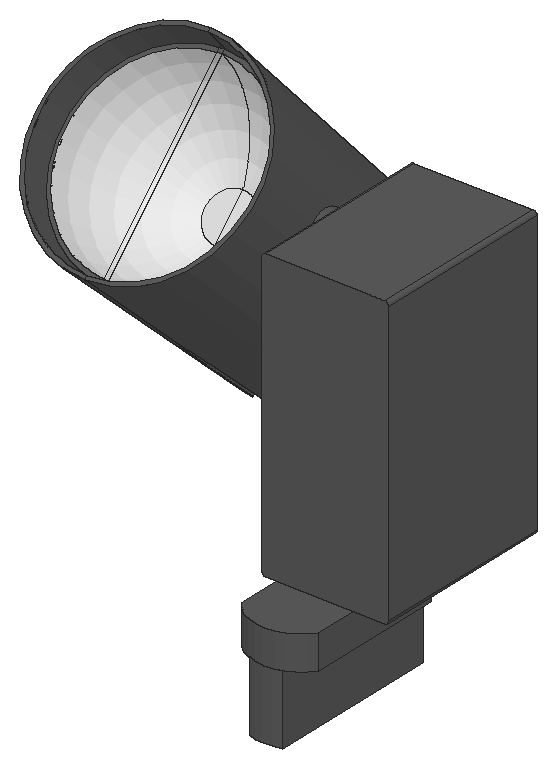
Revit family "0004840 Feilo Sylvania Lighting Fixture START TRACK SPOT S 24W 3K RA80 WB BLACK", category Lighting Fixtures, host Face, Revit 2017
Family settings
  Host = Face
  Round Connector Dimension = Use Diameter
  Part Type = Normal
  OmniClass Number = 23.80.70.00
  OmniClass Title = Lighting
  Cut with Voids When Loaded = No
  Light Source = No
  Shared = No
  Room Calculation Point = No
Parameters (values of type "0004840 START TRACK SPOT S 24W 3K RA80 WB BLACK")
  Weight = "0.966 kg"
  Wattage Comments = ""
  WarrantyStartDate [instance] = "n/a"
  WarrantyGuarantorParts = "n/a"
  WarrantyDurationUnit = "n/a"
  WarrantyDurationParts = "n/a"
  WarrantyDescription = "n/a"
  Voltage = 230 V
  URL = "http://www.sylvania-lighting.com"
  TypeName = "START TRACK SPOT S 24W 3K RA80 WB BLACK"
  TypeHead_FEILO = Start Track Spot Head : 0004840 START TRACK SPOT S 24W 3K RA80 WB BLACK
  TypeBox_FEILO = Start Track Spot Box : Type Small Black
  Type Image = <None>
  Type Comments = "n/a"
  VerticalRotation_FEILO [instance] = 0.00°
  SlideEndAngle_FEILO [instance] = VerticalRotation_FEILO + 180.00°  # 180.00°
  SerialNumber [instance] = "n/a"
  Material_3_FEILO = none
  PowerFactor = 0.95
  PowerConsumption = "24 W"
  NominalLength = 0 mm
  NominalHeight = 200 mm
  NominalDepth = 140 mm
  Name = "START TRACK SPOT S 24W 3K RA80 WB BLACK"
  ModelReference = Name  # "START TRACK SPOT S 24W 3K RA80 WB BLACK"
  ModelNumber = "0004840"
  Model = Name  # "START TRACK SPOT S 24W 3K RA80 WB BLACK"
  Material = "adc12 aluminium housing, polycarbonate diffuser"
  ManufacturerName = "Feilo Sylvania"
  Manufacturer = "Feilo Sylvania"
  LuminousEfficacy = "97 lm/W"
  LuminaireType = ""
  LightOutputRatio = "100"
  LampsType = Lamp  # "LED"
  LampNominalLuminous = "2318 lm"
  LampMacAdamStep = "3"
  LampColourTemperature = "3000 K"
  LampColourRenderingIndex = "80"
  Lamp = "LED"
  Keynote = "16500"
  InstallationDate [instance] = "n/a"
  InputVoltage = "230-240V~"
  InputNominalFrequency = "50/60 Hz"
  IngressProtection = "IP20"
  ImpactProtectionIndex = "IK02"
  IfcExportType = "IfcLightFixtureType"
  IfcExportAs = "IfcLightFixtureType"
  HorizontalRotation_FEILO [instance] = 45.00°
  ExpectedLife = 50000
  ElectricShockClassification = "Class II"
  DurationUnit = "hours"
  DocumentationLiterature = "http://www.sylvania-lighting.com/product/en-int/products/0004840"
  DimmingControlOptions = "Non dimmable"
  Material_2_FEILO = none
  Description = "Integrated LED spotlight, Textured Black - RAL9005, compact and minimalist design, ideal for retail applications, die-cast aluminium body, passive cooling heatsink. Beam angle: 64°, color temperature: 3000K , total system power: 24W, total fixture output: 2318 lm, LOR: 100%, colour rendering: Ra: 80 typical, LED Chromaticity: 3 step MacAdam ellipse, lifetime: >50000 hours at L70B50, energy class: A++, A+, A, IR/UV free light source without heat radiation, operating voltage: 220-240V / 50-60Hz, drive current: 600mA, electronic driver, non-dimmable, power factor: 0.95, electrical protection: Class II, Global Track 3 Phase adapter suitable for Global trac 3-circuit tracks, ingress protection rating: IP20, suitable for internal environment only, horizontal rotation: 355°, vertical tilt: 90°, dimensions: Ø86x140x200, weight: 0.966kg."
  Default Elevation = 1219.2 mm
  CreatedOn = "12/12/2017"
  CreatedBy = ""
  Cost = 0
  built-in parameter 1114216 [instance] = (empty or 0)
  ClassificationValue = "EF_70_80"
  ClassificationName = "Uniclass2015"
  Material_1_FEILO = Body-Sylvania-StartTrackSpot-Black
  BarCode [instance] = "n/a"
  AssetType = "Fixed"
  AssetIdentifier [instance] = "n/a"
  Assembly Code = "D5020200"
  Apparent Load = 24 VA
  Material_4_FEILO = none
Reference planes
  plane 1 "Center (Front/Back)": y = 0
  plane 2: z = 0
  plane 3 "Center (Left/Right)": x = 0
  plane 4: x = 15
  plane 5: x = -15
  plane 6: y = 35
  plane 7: y = -35
  plane 8: z = 13
  plane 9: z = -27
  plane 10: x = 6.5
  plane 11: x = -6.5
  plane 12: y = 27
  plane 13: y = -27
  plane 14: y = 20
Forms (mm)
  Extrusion 1, solid, material "Body-Sylvania-StartTrackSpot-Black" <- "Material_1_FEILO"
    sketch origin (0, 0, 0) x (1, 0, 0) y (0, 1, 0)
      loop
        line (-15, 27) -> (-15, -27)
        arc (-15, -27) -> (0, -35) -> (15, -27) r 18.062
        line (15, -27) -> (15, 27)
        arc (15, 27) -> (0, 35) -> (-15, 27) r 18.062
    from 0 to 13
  Extrusion 2, solid, material "Body-Sylvania-StartTrackSpot-Black" <- "Material_1_FEILO"
    sketch origin (0, 0, 0) x (1, 0, 0) y (0, 1, 0)
      loop
        arc (6.5, 33.79) -> (0, 35) -> (-6.5, 33.79) r 18.062
        line (-6.5, 33.79) -> (-6.5, -33.79)
        arc (-6.5, -33.79) -> (0, -35) -> (6.5, -33.79) r 18.062
        line (6.5, -33.79) -> (6.5, 33.79)
    from 0 to -27
  Revolve 3, solid, not visible
    sketch origin (1524, 20, 1219.2) x (1, 0, 0) y (0, 0, 1)
      loop
        line (-1524, -1206.2) -> (-1524, -1191.285) -> (-1530.5, -1191.285) -> (-1530.5, -1206.2) -> (-1524, -1206.2)
      axis (-1524, -1191.285) -> (-1524, -1206.2)
    angle from 0 <- "VerticalRotation_FEILO" to 180 <- "SlideEndAngle_FEILO"
Cuts and joins
  joined: Extrusion 1, Extrusion 2
Dimensions and locks
  equal spacing: plane 10, plane 3 "Center (Left/Right)", plane 11
  equal spacing: plane 4, plane 3 "Center (Left/Right)", plane 5
  locked: plane 8 to plane 2 at 13
  locked: plane 8 to plane 9 at 40
  equal spacing: plane 13, plane 1 "Center (Front/Back)", plane 12
  locked: plane 12 to plane 6 at 8
  locked: plane 14 to plane 6 at 15
  locked: Revolve 3 sketch curve to plane 8 at 14.915
  aligned and locked: plane 2 to host face
  aligned and locked: level to host face
  aligned and locked: plane 5 to Extrusion 1 sketch curve  (x2)
  aligned and locked: plane 12 to Extrusion 1 sketch curve
  aligned and locked: plane 13 to Extrusion 1 sketch curve
  aligned and locked: plane 4 to Extrusion 1 sketch curve
  aligned and locked: Extrusion 1 to plane 8
  aligned and locked: Extrusion 1 to level
  aligned and locked: Extrusion 2 sketch curve to Extrusion 1  (x2)
  aligned and locked: Extrusion 2 sketch curve to plane 11
  aligned and locked: plane 10 to Extrusion 2 sketch curve
  aligned and locked: plane 9 to Extrusion 2
  aligned and locked: level to Extrusion 2
  aligned and locked: Revolve 3 sketch curve to plane 3 "Center (Left/Right)"  (x2)
  aligned and locked: plane 11 to Revolve 3 sketch curve
  aligned and locked: Revolve 3 sketch curve to plane 8
Automatic sketch dimensions
  host sketch curve to host sketch curve = 2438.4 mm  (x2)
  Extrusion 1 sketch curve to plane 3 "Center (Left/Right)" = 0 mm  (x2)
  Extrusion 1 sketch curve to plane 13 = 10.062 mm
  plane 12 to Extrusion 1 sketch curve = 10.062 mm
  Revolve 3 sketch curve to plane 3 "Center (Left/Right)" = 0 mm
  plane 9 to Revolve 3 sketch curve = 582.6 mm
  Revolve 3 sketch curve to Revolve 3 sketch curve = 2581.144 mm
Nested families
  nested 1: "Start Track Spot Head" at (-62, 20, 112.529) x (0, 0.7071, 0.7071) z (0, 0.7071, -0.7071), type <- "TypeHead_FEILO", type "0004840 START TRACK SPOT S 24W 3K RA80 WB BLACK"
    with built-in parameter 1114216 (empty or 0)
  nested 2: "Start Track Spot Box" at (8.5, 20, 73) x (-1, 0, 0) z (0, -1, 0), BoxStartAngle_FEILO <- "HorizontalRotation_FEILO", type <- "TypeBox_FEILO", type "Type Small Black"
    with BoxStartAngle_FEILO 45.00°, BoxEndAngle_FEILO -135.00°
Connectors
  electrical at (0, 0, 0), driven by "Apparent Load", driven by "PowerFactor", driven by "Voltage"
    settings: index 1, voltage 230 V, apparent load 24 VA, apparent load phase1 0 VA, apparent load phase2 0 VA, apparent load phase3 0 VA, power factor 0.95, load classification "Lighting", number of poles 1, system type 30, power factor state 1, is connector primary yes, connector utility no, sub classification motor no, connector description ""
Definition of nested family "Start Track Spot Head"
  Parameters (values of type "0004811 START TRACK SPOT S 14W 3K RA80 NB WHITE")
    Wattage Comments = "n/a"
    Wattage = 14 W
    built-in parameter 1150110 = 1 (stored number, unit not read)
    URL = "http://www.feilosylvania.com"
    Type Image = (empty or 0)
    Type Comments = "n/a"
    built-in parameter 1114217 = 1 (stored number, unit not read)
    Tilt Angle = -90.00°
    built-in parameter 1150109 = 1 (stored number, unit not read)
    built-in parameter 1150134 = (empty or 0)
    built-in parameter 1150113 = 1 (stored number, unit not read)
    Photometric Web File = "0004811.ies"
    Material_3_FEILO = none
    Model = "START TRACK SPOT S 14W 3K RA80 NB WHITE"
    Manufacturer = "Feilo Sylvania"
    built-in parameter 1150105 = 123.66 (stored number, unit not read)
    Lumens = 1554 lm
    built-in parameter 1150115 = 1 (stored number, unit not read)
    built-in parameter 1150137 = (empty or 0)
    built-in parameter 1150139 = (empty or 0)
    built-in parameter 1150112 = 1 (stored number, unit not read)
    built-in parameter 1150114 = 1 (stored number, unit not read)
    Lamp = "LED"
    Keynote = "16500"
    Material_2_FEILO = none
    built-in parameter 1150132 = (empty or 0)
    built-in parameter 1150102 = (empty or 0)
    built-in parameter 1150107 = 3000 (stored number, unit not read)
    built-in parameter 1150138 = (empty or 0)
    built-in parameter 1150106 = 1.2366 (stored number, unit not read)
    HeadThickness_FEILO = if(HeadDiaOut_FEILO > 112 mm, 2 mm, 1.5 mm)  # 1.5 mm
    HeadRibOffset_FEILO = HeadHeight_FEILO / 28  # 4.179 mm
    HeadRibDepth_FEILO = HeadHeight_FEILO / 2.1  # 55.714 mm
    HeadRibCutWidth_FEILO = HeadDiaOut_FEILO / 12  # 7.167 mm
    HeadRibCutOffset_FEILO = HeadHeight_FEILO / 2.3  # 50.87 mm
    HeadReflectorRadius_FEILO = HeadDiaOut_FEILO / 1.7  # 50.588 mm
    HeadReflectorOffset_FEILO = HeadHeight_FEILO / 2.1  # 55.714 mm
    HeadLEDRadius_FEILO = HeadDiaOut_FEILO / 9  # 9.556 mm
    HeadHeight_FEILO = 117 mm
    HeadDraft_FEILO = 1 mm
    HeadDiffusorThickness_FEILO = 3 mm
    HeadDiffusorOffset_FEILO = HeadHeight_FEILO / 12.4  # 9.435 mm
    HeadDiaOut_FEILO = 86 mm
    HeadDiaIn_FEILO = HeadDiaOut_FEILO / 1.11  # 77.477 mm
    HeadAxisFromTop_FEILO = HeadHeight_FEILO / 1.687  # 69.354 mm
    Emit from Circle Diameter = HeadDiaIn_FEILO  # 77.477 mm
    Emit Shape Visible in Rendering = no
    built-in parameter 1150104 = 10.312 (stored number, unit not read)
    Dimming Lamp Color Temperature Shift = (empty or 0)
    Description = "Integrated LED spotlight, Textured White - RAL9016, compact and minimalist design, ideal for retail applications, die-cast aluminium body, passive cooling heatsink. Beam angle: 12°, color temperature: 3000K , total system power: 14W, total fixture output: 1551 lm, LOR: 100%, colour rendering: Ra: 80 typical, LED Chromaticity: 3 step MacAdam ellipse, lifetime: >50000 hours at L70B50, energy class: A++, A+, A, IR/UV free light source without heat radiation, operating voltage: 220-240V / 50-60Hz, drive current: 350mA, electronic driver, non-dimmable, power factor: 0.92, electrical protection: Class II, Global Track 3 Phase adapter suitable for Global trac 3-circuit tracks, ingress protection rating: IP20, suitable for internal environment only, horizontal rotation: 355°, vertical tilt: 90°, dimensions: Ø86x140x200, weight: 0.940kg."
    Default Elevation = 1219.2 mm
    Cost = 0
    Color Filter = 16777215
    built-in parameter 1114216 [instance] = (empty or 0)
    Material_1_FEILO = none
    built-in parameter 1114218 = 1 (stored number, unit not read)
    built-in parameter 1150133 = 10 (stored number, unit not read)
    Assembly Code = "D5020200"
    Apparent Load = 14 VA
    Material_4_FEILO = none
  Types (96, lengths in mm): name | Wattage | built-in parameter 1150134 | Photometric Web File | Model | built-in parameter 1150105 | Lumens | built-in parameter 1150107 | built-in parameter 1150106 | HeadThickness_FEILO | HeadRibOffset_FEILO | HeadRibDepth_FEILO | HeadRibCutWidth_FEILO | HeadRibCutOffset_FEILO | HeadReflectorRadius_FEILO | HeadReflectorOffset_FEILO | HeadLEDRadius_FEILO | HeadHeight_FEILO | HeadDiffusorOffset_FEILO | HeadDiaOut_FEILO | HeadDiaIn_FEILO | HeadAxisFromTop_FEILO | Emit from Circle Diameter | built-in parameter 1150104 | Description | Apparent Load
    0004906 START TRACK SPOT L 55W 4K RA90 WB BLACK | 55 W | 12 | "0004906.ies" | "START TRACK SPOT L 55W 4K RA90 WB BLACK" | 385.15 (stored number, unit not read) | 4840 lm | 4000 (stored number, unit not read) | 3.8515 (stored number, unit not read) | 2 | 4.429 | 59.048 | 9.417 | 53.913 | 66.471 | 59.048 | 12.556 | 124 | 10 | 113 | 101.802 | 73.503 | 101.802 | 8.1755 (stored number, unit not read) | "Integrated LED spotlight, Textured Black - RAL9005, compact and minimalist design, ideal for retail applications, die-cast aluminium body, passive cooling heatsink. Beam angle: 52°, color temperature: 4000K , total system power: 55W, total fixture output: 4824 lm, LOR: 100%, colour rendering: Ra: 90 typical, LED Chromaticity: 3 step MacAdam ellipse, lifetime: >50000 hours at L70B50, energy class: A++, A+, A, IR/UV free light source without heat radiation, operating voltage: 220-240V / 50-60Hz, drive current: 1400mA, electronic driver, non-dimmable, power factor: 0.96, electrical protection: Class II, Global Track 3 Phase adapter suitable for Global trac 3-circuit tracks, ingress protection rating: IP20, suitable for internal environment only, horizontal rotation: 355°, vertical tilt: 90°, dimensions: Ø113x164x240, weight: 1.398kg." | 55 VA
    0004905 START TRACK SPOT L 55W 4K RA90 MB BLACK | 55 W | 12 | "0004905.ies" | "START TRACK SPOT L 55W 4K RA90 MB BLACK" | 389.53 (stored number, unit not read) | 4895 lm | 4000 (stored number, unit not read) | 3.8953 (stored number, unit not read) | 2 | 4.429 | 59.048 | 9.417 | 53.913 | 66.471 | 59.048 | 12.556 | 124 | 10 | 113 | 101.802 | 73.503 | 101.802 | 8.2684 (stored number, unit not read) | "Integrated LED spotlight, Textured Black - RAL9005, compact and minimalist design, ideal for retail applications, die-cast aluminium body, passive cooling heatsink. Beam angle: 38°, color temperature: 4000K , total system power: 55W, total fixture output: 4897 lm, LOR: 100%, colour rendering: Ra: 90 typical, LED Chromaticity: 3 step MacAdam ellipse, lifetime: >50000 hours at L70B50, energy class: A++, A+, A, IR/UV free light source without heat radiation, operating voltage: 220-240V / 50-60Hz, drive current: 1400mA, electronic driver, non-dimmable, power factor: 0.96, electrical protection: Class II, Global Track 3 Phase adapter suitable for Global trac 3-circuit tracks, ingress protection rating: IP20, suitable for internal environment only, horizontal rotation: 355°, vertical tilt: 90°, dimensions: Ø113x164x240, weight: 1.398kg." | 55 VA
    0004904 START TRACK SPOT L 55W 4K RA90 NB BLACK | 55 W | 12 | "0004904.ies" | "START TRACK SPOT L 55W 4K RA90 NB BLACK" | 393.91 (stored number, unit not read) | 4950 lm | 4000 (stored number, unit not read) | 3.9391 (stored number, unit not read) | 2 | 4.429 | 59.048 | 9.417 | 53.913 | 66.471 | 59.048 | 12.556 | 124 | 10 | 113 | 101.802 | 73.503 | 101.802 | 8.3613 (stored number, unit not read) | "Integrated LED spotlight, Textured Black - RAL9005, compact and minimalist design, ideal for retail applications, die-cast aluminium body, passive cooling heatsink. Beam angle: 15°, color temperature: 4000K , total system power: 55W, total fixture output: 4965 lm, LOR: 100%, colour rendering: Ra: 90 typical, LED Chromaticity: 3 step MacAdam ellipse, lifetime: >50000 hours at L70B50, energy class: A++, A+, A, IR/UV free light source without heat radiation, operating voltage: 220-240V / 50-60Hz, drive current: 1400mA, electronic driver, non-dimmable, power factor: 0.96, electrical protection: Class II, Global Track 3 Phase adapter suitable for Global trac 3-circuit tracks, ingress protection rating: IP20, suitable for internal environment only, horizontal rotation: 355°, vertical tilt: 90°, dimensions: Ø113x164x240, weight: 1.398kg." | 55 VA
    0004903 START TRACK SPOT L 35W 4K RA90 WB BLACK | 35 W | 12 | "0004903.ies" | "START TRACK SPOT L 35W 4K RA90 WB BLACK" | 284.09 (stored number, unit not read) | 3570 lm | 4000 (stored number, unit not read) | 2.8409 (stored number, unit not read) | 2 | 4.429 | 59.048 | 9.417 | 53.913 | 66.471 | 59.048 | 12.556 | 124 | 10 | 113 | 101.802 | 73.503 | 101.802 | 9.4761 (stored number, unit not read) | "Integrated LED spotlight, Textured Black - RAL9005, compact and minimalist design, ideal for retail applications, die-cast aluminium body, passive cooling heatsink. Beam angle: 52°, color temperature: 4000K , total system power: 35W, total fixture output: 3562 lm, LOR: 100%, colour rendering: Ra: 90 typical, LED Chromaticity: 3 step MacAdam ellipse, lifetime: >50000 hours at L70B50, energy class: A++, A+, A, IR/UV free light source without heat radiation, operating voltage: 220-240V / 50-60Hz, drive current: 900mA, electronic driver, non-dimmable, power factor: 0.93, electrical protection: Class II, Global Track 3 Phase adapter suitable for Global trac 3-circuit tracks, ingress protection rating: IP20, suitable for internal environment only, horizontal rotation: 355°, vertical tilt: 90°, dimensions: Ø113x164x240, weight: 1.368kg." | 35 VA
    0004902 START TRACK SPOT L 35W 4K RA90 MB BLACK | 35 W | 12 | "0004902.ies" | "START TRACK SPOT L 35W 4K RA90 MB BLACK" | 286.88 (stored number, unit not read) | 3605 lm | 4000 (stored number, unit not read) | 2.8688 (stored number, unit not read) | 2 | 4.429 | 59.048 | 9.417 | 53.913 | 66.471 | 59.048 | 12.556 | 124 | 10 | 113 | 101.802 | 73.503 | 101.802 | 9.569 (stored number, unit not read) | "Integrated LED spotlight, Textured Black - RAL9005, compact and minimalist design, ideal for retail applications, die-cast aluminium body, passive cooling heatsink. Beam angle: 38°, color temperature: 4000K , total system power: 35W, total fixture output: 3616 lm, LOR: 100%, colour rendering: Ra: 90 typical, LED Chromaticity: 3 step MacAdam ellipse, lifetime: >50000 hours at L70B50, energy class: A++, A+, A, IR/UV free light source without heat radiation, operating voltage: 220-240V / 50-60Hz, drive current: 900mA, electronic driver, non-dimmable, power factor: 0.93, electrical protection: Class II, Global Track 3 Phase adapter suitable for Global trac 3-circuit tracks, ingress protection rating: IP20, suitable for internal environment only, horizontal rotation: 355°, vertical tilt: 90°, dimensions: Ø113x164x240, weight: 1.368kg." | 35 VA
    0004901 START TRACK SPOT L 35W 4K RA90 NB BLACK | 35 W | 12 | "0004901.ies" | "START TRACK SPOT L 35W 4K RA90 NB BLACK" | 286.88 (stored number, unit not read) | 3605 lm | 4000 (stored number, unit not read) | 2.8688 (stored number, unit not read) | 2 | 4.429 | 59.048 | 9.417 | 53.913 | 66.471 | 59.048 | 12.556 | 124 | 10 | 113 | 101.802 | 73.503 | 101.802 | 9.569 (stored number, unit not read) | "Integrated LED spotlight, Textured Black - RAL9005, compact and minimalist design, ideal for retail applications, die-cast aluminium body, passive cooling heatsink. Beam angle: 15°, color temperature: 4000K , total system power: 35W, total fixture output: 3593 lm, LOR: 100%, colour rendering: Ra: 90 typical, LED Chromaticity: 3 step MacAdam ellipse, lifetime: >50000 hours at L70B50, energy class: A++, A+, A, IR/UV free light source without heat radiation, operating voltage: 220-240V / 50-60Hz, drive current: 900mA, electronic driver, non-dimmable, power factor: 0.93, electrical protection: Class II, Global Track 3 Phase adapter suitable for Global trac 3-circuit tracks, ingress protection rating: IP20, suitable for internal environment only, horizontal rotation: 355°, vertical tilt: 90°, dimensions: Ø113x164x240, weight: 1.368kg." | 35 VA
    0004900 START TRACK SPOT S 24W 4K RA90 WB BLACK | 24 W | 12 | "0004900.ies" | "START TRACK SPOT S 24W 4K RA90 WB BLACK" | 166.16 (stored number, unit not read) | 2088 lm | 4000 (stored number, unit not read) | 1.6616 (stored number, unit not read) | 1.5 | 4.179 | 55.714 | 7.167 | 50.87 | 50.588 | 55.714 | 9.556 | 117 | 9.435 | 86 | 77.477 | 69.354 | 77.477 | 8.0826 (stored number, unit not read) | "Integrated LED spotlight, Textured Black - RAL9005, compact and minimalist design, ideal for retail applications, die-cast aluminium body, passive cooling heatsink. Beam angle: 64°, color temperature: 4000K , total system power: 24W, total fixture output: 2087 lm, LOR: 100%, colour rendering: Ra: 90 typical, LED Chromaticity: 3 step MacAdam ellipse, lifetime: >50000 hours at L70B50, energy class: A++, A+, A, IR/UV free light source without heat radiation, operating voltage: 220-240V / 50-60Hz, drive current: 600mA, electronic driver, non-dimmable, power factor: 0.95, electrical protection: Class II, Global Track 3 Phase adapter suitable for Global trac 3-circuit tracks, ingress protection rating: IP20, suitable for internal environment only, horizontal rotation: 355°, vertical tilt: 90°, dimensions: Ø86x140x200, weight: 0.966kg." | 24 VA
    0004899 START TRACK SPOT S 24W 4K RA90 MB BLACK | 24 W | 12 | "0004899.ies" | "START TRACK SPOT S 24W 4K RA90 MB BLACK" | 169.98 (stored number, unit not read) | 2136 lm | 4000 (stored number, unit not read) | 1.6998 (stored number, unit not read) | 1.5 | 4.179 | 55.714 | 7.167 | 50.87 | 50.588 | 55.714 | 9.556 | 117 | 9.435 | 86 | 77.477 | 69.354 | 77.477 | 8.2684 (stored number, unit not read) | "Integrated LED spotlight, Textured Black - RAL9005, compact and minimalist design, ideal for retail applications, die-cast aluminium body, passive cooling heatsink. Beam angle: 36°, color temperature: 4000K , total system power: 24W, total fixture output: 2141 lm, LOR: 100%, colour rendering: Ra: 90 typical, LED Chromaticity: 3 step MacAdam ellipse, lifetime: >50000 hours at L70B50, energy class: A++, A+, A, IR/UV free light source without heat radiation, operating voltage: 220-240V / 50-60Hz, drive current: 600mA, electronic driver, non-dimmable, power factor: 0.95, electrical protection: Class II, Global Track 3 Phase adapter suitable for Global trac 3-circuit tracks, ingress protection rating: IP20, suitable for internal environment only, horizontal rotation: 355°, vertical tilt: 90°, dimensions: Ø86x140x200, weight: 0.966kg." | 24 VA
    0004898 START TRACK SPOT S 24W 4K RA90 NB BLACK | 24 W | 12 | "0004898.ies" | "START TRACK SPOT S 24W 4K RA90 NB BLACK" | 171.89 (stored number, unit not read) | 2160 lm | 4000 (stored number, unit not read) | 1.7189 (stored number, unit not read) | 1.5 | 4.179 | 55.714 | 7.167 | 50.87 | 50.588 | 55.714 | 9.556 | 117 | 9.435 | 86 | 77.477 | 69.354 | 77.477 | 8.3613 (stored number, unit not read) | "Integrated LED spotlight, Textured Black - RAL9005, compact and minimalist design, ideal for retail applications, die-cast aluminium body, passive cooling heatsink. Beam angle: 12°, color temperature: 4000K , total system power: 24W, total fixture output: 2155 lm, LOR: 100%, colour rendering: Ra: 90 typical, LED Chromaticity: 3 step MacAdam ellipse, lifetime: >50000 hours at L70B50, energy class: A++, A+, A, IR/UV free light source without heat radiation, operating voltage: 220-240V / 50-60Hz, drive current: 600mA, electronic driver, non-dimmable, power factor: 0.95, electrical protection: Class II, Global Track 3 Phase adapter suitable for Global trac 3-circuit tracks, ingress protection rating: IP20, suitable for internal environment only, horizontal rotation: 355°, vertical tilt: 90°, dimensions: Ø86x140x200, weight: 0.966kg." | 24 VA
    0004897 START TRACK SPOT S 14W 4K RA90 WB BLACK | 14 W | 12 | "0004897.ies" | "START TRACK SPOT S 14W 4K RA90 WB BLACK" | 108.07 (stored number, unit not read) | 1358 lm | 4000 (stored number, unit not read) | 1.0807 (stored number, unit not read) | 1.5 | 4.179 | 55.714 | 7.167 | 50.87 | 50.588 | 55.714 | 9.556 | 117 | 9.435 | 86 | 77.477 | 69.354 | 77.477 | 9.0116 (stored number, unit not read) | "Integrated LED spotlight, Textured Black - RAL9005, compact and minimalist design, ideal for retail applications, die-cast aluminium body, passive cooling heatsink. Beam angle: 64°, color temperature: 4000K , total system power: 14W, total fixture output: 1352 lm, LOR: 100%, colour rendering: Ra: 90 typical, LED Chromaticity: 3 step MacAdam ellipse, lifetime: >50000 hours at L70B50, energy class: A++, A+, A, IR/UV free light source without heat radiation, operating voltage: 220-240V / 50-60Hz, drive current: 350mA, electronic driver, non-dimmable, power factor: 0.92, electrical protection: Class II, Global Track 3 Phase adapter suitable for Global trac 3-circuit tracks, ingress protection rating: IP20, suitable for internal environment only, horizontal rotation: 355°, vertical tilt: 90°, dimensions: Ø86x140x200, weight: 0.940kg." | 14 VA
    0004896 START TRACK SPOT S 14W 4K RA90 MB BLACK | 14 W | 12 | "0004896.ies" | "START TRACK SPOT S 14W 4K RA90 MB BLACK" | 108.07 (stored number, unit not read) | 1358 lm | 4000 (stored number, unit not read) | 1.0807 (stored number, unit not read) | 1.5 | 4.179 | 55.714 | 7.167 | 50.87 | 50.588 | 55.714 | 9.556 | 117 | 9.435 | 86 | 77.477 | 69.354 | 77.477 | 9.0116 (stored number, unit not read) | "Integrated LED spotlight, Textured Black - RAL9005, compact and minimalist design, ideal for retail applications, die-cast aluminium body, passive cooling heatsink. Beam angle: 36°, color temperature: 4000K , total system power: 14W, total fixture output: 1359 lm, LOR: 100%, colour rendering: Ra: 90 typical, LED Chromaticity: 3 step MacAdam ellipse, lifetime: >50000 hours at L70B50, energy class: A++, A+, A, IR/UV free light source without heat radiation, operating voltage: 220-240V / 50-60Hz, drive current: 350mA, electronic driver, non-dimmable, power factor: 0.92, electrical protection: Class II, Global Track 3 Phase adapter suitable for Global trac 3-circuit tracks, ingress protection rating: IP20, suitable for internal environment only, horizontal rotation: 355°, vertical tilt: 90°, dimensions: Ø86x140x200, weight: 0.940kg." | 14 VA
    0004895 START TRACK SPOT S 14W 4K RA90 NB BLACK | 14 W | 12 | "0004895.ies" | "START TRACK SPOT S 14W 4K RA90 NB BLACK" | 106.95 (stored number, unit not read) | 1344 lm | 4000 (stored number, unit not read) | 1.0695 (stored number, unit not read) | 1.5 | 4.179 | 55.714 | 7.167 | 50.87 | 50.588 | 55.714 | 9.556 | 117 | 9.435 | 86 | 77.477 | 69.354 | 77.477 | 8.9187 (stored number, unit not read) | "Integrated LED spotlight, Textured Black - RAL9005, compact and minimalist design, ideal for retail applications, die-cast aluminium body, passive cooling heatsink. Beam angle: 12°, color temperature: 4000K , total system power: 14W, total fixture output: 1349 lm, LOR: 100%, colour rendering: Ra: 90 typical, LED Chromaticity: 3 step MacAdam ellipse, lifetime: >50000 hours at L70B50, energy class: A++, A+, A, IR/UV free light source without heat radiation, operating voltage: 220-240V / 50-60Hz, drive current: 350mA, electronic driver, non-dimmable, power factor: 0.92, electrical protection: Class II, Global Track 3 Phase adapter suitable for Global trac 3-circuit tracks, ingress protection rating: IP20, suitable for internal environment only, horizontal rotation: 355°, vertical tilt: 90°, dimensions: Ø86x140x200, weight: 0.940kg." | 14 VA
    0004894 START TRACK SPOT L 55W 3K RA90 WB BLACK | 55 W | (empty or 0) | "0004894.ies" | "START TRACK SPOT L 55W 3K RA90 WB BLACK" | 350.14 (stored number, unit not read) | 4400 lm | 3000 (stored number, unit not read) | 3.5014 (stored number, unit not read) | 2 | 4.429 | 59.048 | 9.417 | 53.913 | 66.471 | 59.048 | 12.556 | 124 | 10 | 113 | 101.802 | 73.503 | 101.802 | 7.4322 (stored number, unit not read) | "Integrated LED spotlight, Textured Black - RAL9005, compact and minimalist design, ideal for retail applications, die-cast aluminium body, passive cooling heatsink. Beam angle: 52°, color temperature: 3000K , total system power: 55W, total fixture output: 4405 lm, LOR: 100%, colour rendering: Ra: 90 typical, LED Chromaticity: 3 step MacAdam ellipse, lifetime: >50000 hours at L70B50, energy class: A++, A+, A, IR/UV free light source without heat radiation, operating voltage: 220-240V / 50-60Hz, drive current: 1400mA, electronic driver, non-dimmable, power factor: 0.96, electrical protection: Class II, Global Track 3 Phase adapter suitable for Global trac 3-circuit tracks, ingress protection rating: IP20, suitable for internal environment only, horizontal rotation: 355°, vertical tilt: 90°, dimensions: Ø113x164x240, weight: 1.398kg." | 55 VA
    0004893 START TRACK SPOT L 55W 3K RA90 MB BLACK | 55 W | (empty or 0) | "0004893.ies" | "START TRACK SPOT L 55W 3K RA90 MB BLACK" | 354.52 (stored number, unit not read) | 4455 lm | 3000 (stored number, unit not read) | 3.5452 (stored number, unit not read) | 2 | 4.429 | 59.048 | 9.417 | 53.913 | 66.471 | 59.048 | 12.556 | 124 | 10 | 113 | 101.802 | 73.503 | 101.802 | 7.5251 (stored number, unit not read) | "Integrated LED spotlight, Textured Black - RAL9005, compact and minimalist design, ideal for retail applications, die-cast aluminium body, passive cooling heatsink. Beam angle: 38°, color temperature: 3000K , total system power: 55W, total fixture output: 4448 lm, LOR: 100%, colour rendering: Ra: 90 typical, LED Chromaticity: 3 step MacAdam ellipse, lifetime: >50000 hours at L70B50, energy class: A++, A+, A, IR/UV free light source without heat radiation, operating voltage: 220-240V / 50-60Hz, drive current: 1400mA, electronic driver, non-dimmable, power factor: 0.96, electrical protection: Class II, Global Track 3 Phase adapter suitable for Global trac 3-circuit tracks, ingress protection rating: IP20, suitable for internal environment only, horizontal rotation: 355°, vertical tilt: 90°, dimensions: Ø113x164x240, weight: 1.398kg." | 55 VA
    0004892 START TRACK SPOT L 55W 3K RA90 NB BLACK | 55 W | (empty or 0) | "0004892.ies" | "START TRACK SPOT L 55W 3K RA90 NB BLACK" | 350.14 (stored number, unit not read) | 4400 lm | 3000 (stored number, unit not read) | 3.5014 (stored number, unit not read) | 2 | 4.429 | 59.048 | 9.417 | 53.913 | 66.471 | 59.048 | 12.556 | 124 | 10 | 113 | 101.802 | 73.503 | 101.802 | 7.4322 (stored number, unit not read) | "Integrated LED spotlight, Textured Black - RAL9005, compact and minimalist design, ideal for retail applications, die-cast aluminium body, passive cooling heatsink. Beam angle: 15°, color temperature: 3000K , total system power: 55W, total fixture output: 4416 lm, LOR: 100%, colour rendering: Ra: 90 typical, LED Chromaticity: 3 step MacAdam ellipse, lifetime: >50000 hours at L70B50, energy class: A++, A+, A, IR/UV free light source without heat radiation, operating voltage: 220-240V / 50-60Hz, drive current: 1400mA, electronic driver, non-dimmable, power factor: 0.96, electrical protection: Class II, Global Track 3 Phase adapter suitable for Global trac 3-circuit tracks, ingress protection rating: IP20, suitable for internal environment only, horizontal rotation: 355°, vertical tilt: 90°, dimensions: Ø113x164x240, weight: 1.398kg." | 55 VA
    0004891 START TRACK SPOT L 35W 3K RA90 WB BLACK | 35 W | (empty or 0) | "0004891.ies" | "START TRACK SPOT L 35W 3K RA90 WB BLACK" | 259.02 (stored number, unit not read) | 3255 lm | 3000 (stored number, unit not read) | 2.5902 (stored number, unit not read) | 2 | 4.429 | 59.048 | 9.417 | 53.913 | 66.471 | 59.048 | 12.556 | 124 | 10 | 113 | 101.802 | 73.503 | 101.802 | 8.64 (stored number, unit not read) | "Integrated LED spotlight, Textured Black - RAL9005, compact and minimalist design, ideal for retail applications, die-cast aluminium body, passive cooling heatsink. Beam angle: 52°, color temperature: 3000K , total system power: 35W, total fixture output: 3260 lm, LOR: 100%, colour rendering: Ra: 90 typical, LED Chromaticity: 3 step MacAdam ellipse, lifetime: >50000 hours at L70B50, energy class: A++, A+, A, IR/UV free light source without heat radiation, operating voltage: 220-240V / 50-60Hz, drive current: 900mA, electronic driver, non-dimmable, power factor: 0.93, electrical protection: Class II, Global Track 3 Phase adapter suitable for Global trac 3-circuit tracks, ingress protection rating: IP20, suitable for internal environment only, horizontal rotation: 355°, vertical tilt: 90°, dimensions: Ø113x164x240, weight: 1.368kg." | 35 VA
    0004890 START TRACK SPOT L 35W 3K RA90 MB BLACK | 35 W | (empty or 0) | "0004890.ies" | "START TRACK SPOT L 35W 3K RA90 MB BLACK" | 261.81 (stored number, unit not read) | 3290 lm | 3000 (stored number, unit not read) | 2.6181 (stored number, unit not read) | 2 | 4.429 | 59.048 | 9.417 | 53.913 | 66.471 | 59.048 | 12.556 | 124 | 10 | 113 | 101.802 | 73.503 | 101.802 | 8.7329 (stored number, unit not read) | "Integrated LED spotlight, Textured Black - RAL9005, compact and minimalist design, ideal for retail applications, die-cast aluminium body, passive cooling heatsink. Beam angle: 38°, color temperature: 3000K , total system power: 35W, total fixture output: 3306 lm, LOR: 100%, colour rendering: Ra: 90 typical, LED Chromaticity: 3 step MacAdam ellipse, lifetime: >50000 hours at L70B50, energy class: A++, A+, A, IR/UV free light source without heat radiation, operating voltage: 220-240V / 50-60Hz, drive current: 900mA, electronic driver, non-dimmable, power factor: 0.93, electrical protection: Class II, Global Track 3 Phase adapter suitable for Global trac 3-circuit tracks, ingress protection rating: IP20, suitable for internal environment only, horizontal rotation: 355°, vertical tilt: 90°, dimensions: Ø113x164x240, weight: 1.368kg." | 35 VA
    0004889 START TRACK SPOT L 35W 3K RA90 NB BLACK | 35 W | (empty or 0) | "0004889.ies" | "START TRACK SPOT L 35W 3K RA90 NB BLACK" | 261.81 (stored number, unit not read) | 3290 lm | 3000 (stored number, unit not read) | 2.6181 (stored number, unit not read) | 2 | 4.429 | 59.048 | 9.417 | 53.913 | 66.471 | 59.048 | 12.556 | 124 | 10 | 113 | 101.802 | 73.503 | 101.802 | 8.7329 (stored number, unit not read) | "Integrated LED spotlight, Textured Black - RAL9005, compact and minimalist design, ideal for retail applications, die-cast aluminium body, passive cooling heatsink. Beam angle: 15°, color temperature: 3000K , total system power: 35W, total fixture output: 3287 lm, LOR: 100%, colour rendering: Ra: 90 typical, LED Chromaticity: 3 step MacAdam ellipse, lifetime: >50000 hours at L70B50, energy class: A++, A+, A, IR/UV free light source without heat radiation, operating voltage: 220-240V / 50-60Hz, drive current: 900mA, electronic driver, non-dimmable, power factor: 0.93, electrical protection: Class II, Global Track 3 Phase adapter suitable for Global trac 3-circuit tracks, ingress protection rating: IP20, suitable for internal environment only, horizontal rotation: 355°, vertical tilt: 90°, dimensions: Ø113x164x240, weight: 1.368kg." | 35 VA
    0004888 START TRACK SPOT S 24W 3K RA90 WB BLACK | 24 W | (empty or 0) | "0004888.ies" | "START TRACK SPOT S 24W 3K RA90 WB BLACK" | 152.79 (stored number, unit not read) | 1920 lm | 3000 (stored number, unit not read) | 1.5279 (stored number, unit not read) | 1.5 | 4.179 | 55.714 | 7.167 | 50.87 | 50.588 | 55.714 | 9.556 | 117 | 9.435 | 86 | 77.477 | 69.354 | 77.477 | 7.4322 (stored number, unit not read) | "Integrated LED spotlight, Textured Black - RAL9005, compact and minimalist design, ideal for retail applications, die-cast aluminium body, passive cooling heatsink. Beam angle: 64°, color temperature: 3000K , total system power: 24W, total fixture output: 1928 lm, LOR: 100%, colour rendering: Ra: 90 typical, LED Chromaticity: 3 step MacAdam ellipse, lifetime: >50000 hours at L70B50, energy class: A++, A+, A, IR/UV free light source without heat radiation, operating voltage: 220-240V / 50-60Hz, drive current: 600mA, electronic driver, non-dimmable, power factor: 0.95, electrical protection: Class II, Global Track 3 Phase adapter suitable for Global trac 3-circuit tracks, ingress protection rating: IP20, suitable for internal environment only, horizontal rotation: 355°, vertical tilt: 90°, dimensions: Ø86x140x200, weight: 0.966kg." | 24 VA
    0004887 START TRACK SPOT S 24W 3K RA90 MB BLACK | 24 W | (empty or 0) | "0004887.ies" | "START TRACK SPOT S 24W 3K RA90 MB BLACK" | 154.7 (stored number, unit not read) | 1944 lm | 3000 (stored number, unit not read) | 1.547 (stored number, unit not read) | 1.5 | 4.179 | 55.714 | 7.167 | 50.87 | 50.588 | 55.714 | 9.556 | 117 | 9.435 | 86 | 77.477 | 69.354 | 77.477 | 7.5251 (stored number, unit not read) | "Integrated LED spotlight, Textured Black - RAL9005, compact and minimalist design, ideal for retail applications, die-cast aluminium body, passive cooling heatsink. Beam angle: 36°, color temperature: 3000K , total system power: 24W, total fixture output: 1944 lm, LOR: 100%, colour rendering: Ra: 90 typical, LED Chromaticity: 3 step MacAdam ellipse, lifetime: >50000 hours at L70B50, energy class: A++, A+, A, IR/UV free light source without heat radiation, operating voltage: 220-240V / 50-60Hz, drive current: 600mA, electronic driver, non-dimmable, power factor: 0.95, electrical protection: Class II, Global Track 3 Phase adapter suitable for Global trac 3-circuit tracks, ingress protection rating: IP20, suitable for internal environment only, horizontal rotation: 355°, vertical tilt: 90°, dimensions: Ø86x140x200, weight: 0.966kg." | 24 VA
    0004886 START TRACK SPOT S 24W 3K RA90 NB BLACK | 24 W | (empty or 0) | "0004886.ies" | "START TRACK SPOT S 24W 3K RA90 NB BLACK" | 158.52 (stored number, unit not read) | 1992 lm | 3000 (stored number, unit not read) | 1.5852 (stored number, unit not read) | 1.5 | 4.179 | 55.714 | 7.167 | 50.87 | 50.588 | 55.714 | 9.556 | 117 | 9.435 | 86 | 77.477 | 69.354 | 77.477 | 7.711 (stored number, unit not read) | "Integrated LED spotlight, Textured Black - RAL9005, compact and minimalist design, ideal for retail applications, die-cast aluminium body, passive cooling heatsink. Beam angle: 12°, color temperature: 3000K , total system power: 24W, total fixture output: 1987 lm, LOR: 100%, colour rendering: Ra: 90 typical, LED Chromaticity: 3 step MacAdam ellipse, lifetime: >50000 hours at L70B50, energy class: A++, A+, A, IR/UV free light source without heat radiation, operating voltage: 220-240V / 50-60Hz, drive current: 600mA, electronic driver, non-dimmable, power factor: 0.95, electrical protection: Class II, Global Track 3 Phase adapter suitable for Global trac 3-circuit tracks, ingress protection rating: IP20, suitable for internal environment only, horizontal rotation: 355°, vertical tilt: 90°, dimensions: Ø86x140x200, weight: 0.966kg." | 24 VA
    0004885 START TRACK SPOT S 14W 3K RA90 WB BLACK | 14 W | (empty or 0) | "0004885.ies" | "START TRACK SPOT S 14W 3K RA90 WB BLACK" | 100.27 (stored number, unit not read) | 1260 lm | 3000 (stored number, unit not read) | 1.0027 (stored number, unit not read) | 1.5 | 4.179 | 55.714 | 7.167 | 50.87 | 50.588 | 55.714 | 9.556 | 117 | 9.435 | 86 | 77.477 | 69.354 | 77.477 | 8.3613 (stored number, unit not read) | "Integrated LED spotlight, Textured Black - RAL9005, compact and minimalist design, ideal for retail applications, die-cast aluminium body, passive cooling heatsink. Beam angle: 64°, color temperature: 3000K , total system power: 14W, total fixture output: 1262 lm, LOR: 100%, colour rendering: Ra: 90 typical, LED Chromaticity: 3 step MacAdam ellipse, lifetime: >50000 hours at L70B50, energy class: A++, A+, A, IR/UV free light source without heat radiation, operating voltage: 220-240V / 50-60Hz, drive current: 350mA, electronic driver, non-dimmable, power factor: 0.92, electrical protection: Class II, Global Track 3 Phase adapter suitable for Global trac 3-circuit tracks, ingress protection rating: IP20, suitable for internal environment only, horizontal rotation: 355°, vertical tilt: 90°, dimensions: Ø86x140x200, weight: 0.940kg." | 14 VA
    0004884 START TRACK SPOT S 14W 3K RA90 MB BLACK | 14 W | (empty or 0) | "0004884.ies" | "START TRACK SPOT S 14W 3K RA90 MB BLACK" | 100.27 (stored number, unit not read) | 1260 lm | 3000 (stored number, unit not read) | 1.0027 (stored number, unit not read) | 1.5 | 4.179 | 55.714 | 7.167 | 50.87 | 50.588 | 55.714 | 9.556 | 117 | 9.435 | 86 | 77.477 | 69.354 | 77.477 | 8.3613 (stored number, unit not read) | "Integrated LED spotlight, Textured Black - RAL9005, compact and minimalist design, ideal for retail applications, die-cast aluminium body, passive cooling heatsink. Beam angle: 36°, color temperature: 3000K , total system power: 14W, total fixture output: 1262 lm, LOR: 100%, colour rendering: Ra: 90 typical, LED Chromaticity: 3 step MacAdam ellipse, lifetime: >50000 hours at L70B50, energy class: A++, A+, A, IR/UV free light source without heat radiation, operating voltage: 220-240V / 50-60Hz, drive current: 350mA, electronic driver, non-dimmable, power factor: 0.92, electrical protection: Class II, Global Track 3 Phase adapter suitable for Global trac 3-circuit tracks, ingress protection rating: IP20, suitable for internal environment only, horizontal rotation: 355°, vertical tilt: 90°, dimensions: Ø86x140x200, weight: 0.940kg." | 14 VA
    0004883 START TRACK SPOT S 14W 3K RA90 NB BLACK | 14 W | (empty or 0) | "0004883.ies" | "START TRACK SPOT S 14W 3K RA90 NB BLACK" | 102.5 (stored number, unit not read) | 1288 lm | 3000 (stored number, unit not read) | 1.025 (stored number, unit not read) | 1.5 | 4.179 | 55.714 | 7.167 | 50.87 | 50.588 | 55.714 | 9.556 | 117 | 9.435 | 86 | 77.477 | 69.354 | 77.477 | 8.5471 (stored number, unit not read) | "Integrated LED spotlight, Textured Black - RAL9005, compact and minimalist design, ideal for retail applications, die-cast aluminium body, passive cooling heatsink. Beam angle: 12°, color temperature: 3000K , total system power: 14W, total fixture output: 1284 lm, LOR: 100%, colour rendering: Ra: 90 typical, LED Chromaticity: 3 step MacAdam ellipse, lifetime: >50000 hours at L70B50, energy class: A++, A+, A, IR/UV free light source without heat radiation, operating voltage: 220-240V / 50-60Hz, drive current: 350mA, electronic driver, non-dimmable, power factor: 0.92, electrical protection: Class II, Global Track 3 Phase adapter suitable for Global trac 3-circuit tracks, ingress protection rating: IP20, suitable for internal environment only, horizontal rotation: 355°, vertical tilt: 90°, dimensions: Ø86x140x200, weight: 0.940kg." | 14 VA
    0004882 START TRACK SPOT L 55W 4K RA90 WB WHITE | 55 W | 12 | "0004882.ies" | "START TRACK SPOT L 55W 4K RA90 WB WHITE" | 385.15 (stored number, unit not read) | 4840 lm | 4000 (stored number, unit not read) | 3.8515 (stored number, unit not read) | 2 | 4.429 | 59.048 | 9.417 | 53.913 | 66.471 | 59.048 | 12.556 | 124 | 10 | 113 | 101.802 | 73.503 | 101.802 | 8.1755 (stored number, unit not read) | "Integrated LED spotlight, Textured White - RAL9016, compact and minimalist design, ideal for retail applications, die-cast aluminium body, passive cooling heatsink. Beam angle: 52°, color temperature: 4000K , total system power: 55W, total fixture output: 4824 lm, LOR: 100%, colour rendering: Ra: 90 typical, LED Chromaticity: 3 step MacAdam ellipse, lifetime: >50000 hours at L70B50, energy class: A++, A+, A, IR/UV free light source without heat radiation, operating voltage: 220-240V / 50-60Hz, drive current: 1400mA, electronic driver, non-dimmable, power factor: 0.96, electrical protection: Class II, Global Track 3 Phase adapter suitable for Global trac 3-circuit tracks, ingress protection rating: IP20, suitable for internal environment only, horizontal rotation: 355°, vertical tilt: 90°, dimensions: Ø113x164x240, weight: 1.398kg." | 55 VA
    0004881 START TRACK SPOT L 55W 4K RA90 MB WHITE | 55 W | 12 | "0004881.ies" | "START TRACK SPOT L 55W 4K RA90 MB WHITE" | 389.53 (stored number, unit not read) | 4895 lm | 4000 (stored number, unit not read) | 3.8953 (stored number, unit not read) | 2 | 4.429 | 59.048 | 9.417 | 53.913 | 66.471 | 59.048 | 12.556 | 124 | 10 | 113 | 101.802 | 73.503 | 101.802 | 8.2684 (stored number, unit not read) | "Integrated LED spotlight, Textured White - RAL9016, compact and minimalist design, ideal for retail applications, die-cast aluminium body, passive cooling heatsink. Beam angle: 38°, color temperature: 4000K , total system power: 55W, total fixture output: 4897 lm, LOR: 100%, colour rendering: Ra: 90 typical, LED Chromaticity: 3 step MacAdam ellipse, lifetime: >50000 hours at L70B50, energy class: A++, A+, A, IR/UV free light source without heat radiation, operating voltage: 220-240V / 50-60Hz, drive current: 1400mA, electronic driver, non-dimmable, power factor: 0.96, electrical protection: Class II, Global Track 3 Phase adapter suitable for Global trac 3-circuit tracks, ingress protection rating: IP20, suitable for internal environment only, horizontal rotation: 355°, vertical tilt: 90°, dimensions: Ø113x164x240, weight: 1.398kg." | 55 VA
    0004880 START TRACK SPOT L 55W 4K RA90 NB WHITE | 55 W | 12 | "0004880.ies" | "START TRACK SPOT L 55W 4K RA90 NB WHITE" | 393.91 (stored number, unit not read) | 4950 lm | 4000 (stored number, unit not read) | 3.9391 (stored number, unit not read) | 2 | 4.429 | 59.048 | 9.417 | 53.913 | 66.471 | 59.048 | 12.556 | 124 | 10 | 113 | 101.802 | 73.503 | 101.802 | 8.3613 (stored number, unit not read) | "Integrated LED spotlight, Textured White - RAL9016, compact and minimalist design, ideal for retail applications, die-cast aluminium body, passive cooling heatsink. Beam angle: 15°, color temperature: 4000K , total system power: 55W, total fixture output: 4965 lm, LOR: 100%, colour rendering: Ra: 90 typical, LED Chromaticity: 3 step MacAdam ellipse, lifetime: >50000 hours at L70B50, energy class: A++, A+, A, IR/UV free light source without heat radiation, operating voltage: 220-240V / 50-60Hz, drive current: 1400mA, electronic driver, non-dimmable, power factor: 0.96, electrical protection: Class II, Global Track 3 Phase adapter suitable for Global trac 3-circuit tracks, ingress protection rating: IP20, suitable for internal environment only, horizontal rotation: 355°, vertical tilt: 90°, dimensions: Ø113x164x240, weight: 1.398kg." | 55 VA
    0004879 START TRACK SPOT L 35W 4K RA90 WB WHITE | 35 W | 12 | "0004879.ies" | "START TRACK SPOT L 35W 4K RA90 WB WHITE" | 284.09 (stored number, unit not read) | 3570 lm | 4000 (stored number, unit not read) | 2.8409 (stored number, unit not read) | 2 | 4.429 | 59.048 | 9.417 | 53.913 | 66.471 | 59.048 | 12.556 | 124 | 10 | 113 | 101.802 | 73.503 | 101.802 | 9.4761 (stored number, unit not read) | "Integrated LED spotlight, Textured White - RAL9016, compact and minimalist design, ideal for retail applications, die-cast aluminium body, passive cooling heatsink. Beam angle: 52°, color temperature: 4000K , total system power: 35W, total fixture output: 3562 lm, LOR: 100%, colour rendering: Ra: 90 typical, LED Chromaticity: 3 step MacAdam ellipse, lifetime: >50000 hours at L70B50, energy class: A++, A+, A, IR/UV free light source without heat radiation, operating voltage: 220-240V / 50-60Hz, drive current: 900mA, electronic driver, non-dimmable, power factor: 0.93, electrical protection: Class II, Global Track 3 Phase adapter suitable for Global trac 3-circuit tracks, ingress protection rating: IP20, suitable for internal environment only, horizontal rotation: 355°, vertical tilt: 90°, dimensions: Ø113x164x240, weight: 1.368kg." | 35 VA
    0004878 START TRACK SPOT L 35W 4K RA90 MB WHITE | 35 W | 12 | "0004878.ies" | "START TRACK SPOT L 35W 4K RA90 MB WHITE" | 286.88 (stored number, unit not read) | 3605 lm | 4000 (stored number, unit not read) | 2.8688 (stored number, unit not read) | 2 | 4.429 | 59.048 | 9.417 | 53.913 | 66.471 | 59.048 | 12.556 | 124 | 10 | 113 | 101.802 | 73.503 | 101.802 | 9.569 (stored number, unit not read) | "Integrated LED spotlight, Textured White - RAL9016, compact and minimalist design, ideal for retail applications, die-cast aluminium body, passive cooling heatsink. Beam angle: 38°, color temperature: 4000K , total system power: 35W, total fixture output: 3616 lm, LOR: 100%, colour rendering: Ra: 90 typical, LED Chromaticity: 3 step MacAdam ellipse, lifetime: >50000 hours at L70B50, energy class: A++, A+, A, IR/UV free light source without heat radiation, operating voltage: 220-240V / 50-60Hz, drive current: 900mA, electronic driver, non-dimmable, power factor: 0.93, electrical protection: Class II, Global Track 3 Phase adapter suitable for Global trac 3-circuit tracks, ingress protection rating: IP20, suitable for internal environment only, horizontal rotation: 355°, vertical tilt: 90°, dimensions: Ø113x164x240, weight: 1.368kg." | 35 VA
    0004877 START TRACK SPOT L 35W 4K RA90 NB WHITE | 35 W | 12 | "0004877.ies" | "START TRACK SPOT L 35W 4K RA90 NB WHITE" | 286.88 (stored number, unit not read) | 3605 lm | 4000 (stored number, unit not read) | 2.8688 (stored number, unit not read) | 2 | 4.429 | 59.048 | 9.417 | 53.913 | 66.471 | 59.048 | 12.556 | 124 | 10 | 113 | 101.802 | 73.503 | 101.802 | 9.569 (stored number, unit not read) | "Integrated LED spotlight, Textured White - RAL9016, compact and minimalist design, ideal for retail applications, die-cast aluminium body, passive cooling heatsink. Beam angle: 15°, color temperature: 4000K , total system power: 35W, total fixture output: 3593 lm, LOR: 100%, colour rendering: Ra: 90 typical, LED Chromaticity: 3 step MacAdam ellipse, lifetime: >50000 hours at L70B50, energy class: A++, A+, A, IR/UV free light source without heat radiation, operating voltage: 220-240V / 50-60Hz, drive current: 900mA, electronic driver, non-dimmable, power factor: 0.93, electrical protection: Class II, Global Track 3 Phase adapter suitable for Global trac 3-circuit tracks, ingress protection rating: IP20, suitable for internal environment only, horizontal rotation: 355°, vertical tilt: 90°, dimensions: Ø113x164x240, weight: 1.368kg." | 35 VA
    0004876 START TRACK SPOT S 24W 4K RA90 WB WHITE | 24 W | 12 | "0004876.ies" | "START TRACK SPOT S 24W 4K RA90 WB WHITE" | 166.16 (stored number, unit not read) | 2088 lm | 4000 (stored number, unit not read) | 1.6616 (stored number, unit not read) | 1.5 | 4.179 | 55.714 | 7.167 | 50.87 | 50.588 | 55.714 | 9.556 | 117 | 9.435 | 86 | 77.477 | 69.354 | 77.477 | 8.0826 (stored number, unit not read) | "Integrated LED spotlight, Textured White - RAL9016, compact and minimalist design, ideal for retail applications, die-cast aluminium body, passive cooling heatsink. Beam angle: 64°, color temperature: 4000K , total system power: 24W, total fixture output: 2087 lm, LOR: 100%, colour rendering: Ra: 90 typical, LED Chromaticity: 3 step MacAdam ellipse, lifetime: >50000 hours at L70B50, energy class: A++, A+, A, IR/UV free light source without heat radiation, operating voltage: 220-240V / 50-60Hz, drive current: 600mA, electronic driver, non-dimmable, power factor: 0.95, electrical protection: Class II, Global Track 3 Phase adapter suitable for Global trac 3-circuit tracks, ingress protection rating: IP20, suitable for internal environment only, horizontal rotation: 355°, vertical tilt: 90°, dimensions: Ø86x140x200, weight: 0.966kg." | 24 VA
    0004875 START TRACK SPOT S 24W 4K RA90 MB WHITE | 24 W | 12 | "0004875.ies" | "START TRACK SPOT S 24W 4K RA90 MB WHITE" | 169.98 (stored number, unit not read) | 2136 lm | 4000 (stored number, unit not read) | 1.6998 (stored number, unit not read) | 1.5 | 4.179 | 55.714 | 7.167 | 50.87 | 50.588 | 55.714 | 9.556 | 117 | 9.435 | 86 | 77.477 | 69.354 | 77.477 | 8.2684 (stored number, unit not read) | "Integrated LED spotlight, Textured White - RAL9016, compact and minimalist design, ideal for retail applications, die-cast aluminium body, passive cooling heatsink. Beam angle: 36°, color temperature: 4000K , total system power: 24W, total fixture output: 2141 lm, LOR: 100%, colour rendering: Ra: 90 typical, LED Chromaticity: 3 step MacAdam ellipse, lifetime: >50000 hours at L70B50, energy class: A++, A+, A, IR/UV free light source without heat radiation, operating voltage: 220-240V / 50-60Hz, drive current: 600mA, electronic driver, non-dimmable, power factor: 0.95, electrical protection: Class II, Global Track 3 Phase adapter suitable for Global trac 3-circuit tracks, ingress protection rating: IP20, suitable for internal environment only, horizontal rotation: 355°, vertical tilt: 90°, dimensions: Ø86x140x200, weight: 0.966kg." | 24 VA
    0004874 START TRACK SPOT S 24W 4K RA90 NB WHITE | 24 W | 12 | "0004874.ies" | "START TRACK SPOT S 24W 4K RA90 NB WHITE" | 171.89 (stored number, unit not read) | 2160 lm | 4000 (stored number, unit not read) | 1.7189 (stored number, unit not read) | 1.5 | 4.179 | 55.714 | 7.167 | 50.87 | 50.588 | 55.714 | 9.556 | 117 | 9.435 | 86 | 77.477 | 69.354 | 77.477 | 8.3613 (stored number, unit not read) | "Integrated LED spotlight, Textured White - RAL9016, compact and minimalist design, ideal for retail applications, die-cast aluminium body, passive cooling heatsink. Beam angle: 12°, color temperature: 4000K , total system power: 24W, total fixture output: 2155 lm, LOR: 100%, colour rendering: Ra: 90 typical, LED Chromaticity: 3 step MacAdam ellipse, lifetime: >50000 hours at L70B50, energy class: A++, A+, A, IR/UV free light source without heat radiation, operating voltage: 220-240V / 50-60Hz, drive current: 600mA, electronic driver, non-dimmable, power factor: 0.95, electrical protection: Class II, Global Track 3 Phase adapter suitable for Global trac 3-circuit tracks, ingress protection rating: IP20, suitable for internal environment only, horizontal rotation: 355°, vertical tilt: 90°, dimensions: Ø86x140x200, weight: 0.966kg." | 24 VA
    0004873 START TRACK SPOT S 14W 4K RA90 WB WHITE | 14 W | 12 | "0004873.ies" | "START TRACK SPOT S 14W 4K RA90 WB WHITE" | 108.07 (stored number, unit not read) | 1358 lm | 4000 (stored number, unit not read) | 1.0807 (stored number, unit not read) | 1.5 | 4.179 | 55.714 | 7.167 | 50.87 | 50.588 | 55.714 | 9.556 | 117 | 9.435 | 86 | 77.477 | 69.354 | 77.477 | 9.0116 (stored number, unit not read) | "Integrated LED spotlight, Textured White - RAL9016, compact and minimalist design, ideal for retail applications, die-cast aluminium body, passive cooling heatsink. Beam angle: 64°, color temperature: 4000K , total system power: 14W, total fixture output: 1352 lm, LOR: 100%, colour rendering: Ra: 90 typical, LED Chromaticity: 3 step MacAdam ellipse, lifetime: >50000 hours at L70B50, energy class: A++, A+, A, IR/UV free light source without heat radiation, operating voltage: 220-240V / 50-60Hz, drive current: 350mA, electronic driver, non-dimmable, power factor: 0.92, electrical protection: Class II, Global Track 3 Phase adapter suitable for Global trac 3-circuit tracks, ingress protection rating: IP20, suitable for internal environment only, horizontal rotation: 355°, vertical tilt: 90°, dimensions: Ø86x140x200, weight: 0.940kg." | 14 VA
    0004872 START TRACK SPOT S 14W 4K RA90 MB WHITE | 14 W | 12 | "0004872.ies" | "START TRACK SPOT S 14W 4K RA90 MB WHITE" | 108.07 (stored number, unit not read) | 1358 lm | 4000 (stored number, unit not read) | 1.0807 (stored number, unit not read) | 1.5 | 4.179 | 55.714 | 7.167 | 50.87 | 50.588 | 55.714 | 9.556 | 117 | 9.435 | 86 | 77.477 | 69.354 | 77.477 | 9.0116 (stored number, unit not read) | "Integrated LED spotlight, Textured White - RAL9016, compact and minimalist design, ideal for retail applications, die-cast aluminium body, passive cooling heatsink. Beam angle: 36°, color temperature: 4000K , total system power: 14W, total fixture output: 1359 lm, LOR: 100%, colour rendering: Ra: 90 typical, LED Chromaticity: 3 step MacAdam ellipse, lifetime: >50000 hours at L70B50, energy class: A++, A+, A, IR/UV free light source without heat radiation, operating voltage: 220-240V / 50-60Hz, drive current: 350mA, electronic driver, non-dimmable, power factor: 0.92, electrical protection: Class II, Global Track 3 Phase adapter suitable for Global trac 3-circuit tracks, ingress protection rating: IP20, suitable for internal environment only, horizontal rotation: 355°, vertical tilt: 90°, dimensions: Ø86x140x200, weight: 0.940kg." | 14 VA
    0004871 START TRACK SPOT S 14W 4K RA90 NB WHITE | 14 W | 12 | "0004871.ies" | "START TRACK SPOT S 14W 4K RA90 NB WHITE" | 106.95 (stored number, unit not read) | 1344 lm | 4000 (stored number, unit not read) | 1.0695 (stored number, unit not read) | 1.5 | 4.179 | 55.714 | 7.167 | 50.87 | 50.588 | 55.714 | 9.556 | 117 | 9.435 | 86 | 77.477 | 69.354 | 77.477 | 8.9187 (stored number, unit not read) | "Integrated LED spotlight, Textured White - RAL9016, compact and minimalist design, ideal for retail applications, die-cast aluminium body, passive cooling heatsink. Beam angle: 12°, color temperature: 4000K , total system power: 14W, total fixture output: 1349 lm, LOR: 100%, colour rendering: Ra: 90 typical, LED Chromaticity: 3 step MacAdam ellipse, lifetime: >50000 hours at L70B50, energy class: A++, A+, A, IR/UV free light source without heat radiation, operating voltage: 220-240V / 50-60Hz, drive current: 350mA, electronic driver, non-dimmable, power factor: 0.92, electrical protection: Class II, Global Track 3 Phase adapter suitable for Global trac 3-circuit tracks, ingress protection rating: IP20, suitable for internal environment only, horizontal rotation: 355°, vertical tilt: 90°, dimensions: Ø86x140x200, weight: 0.940kg." | 14 VA
    0004870 START TRACK SPOT L 55W 3K RA90 WB WHITE | 55 W | (empty or 0) | "0004870.ies" | "START TRACK SPOT L 55W 3K RA90 WB WHITE" | 350.14 (stored number, unit not read) | 4400 lm | 3000 (stored number, unit not read) | 3.5014 (stored number, unit not read) | 2 | 4.429 | 59.048 | 9.417 | 53.913 | 66.471 | 59.048 | 12.556 | 124 | 10 | 113 | 101.802 | 73.503 | 101.802 | 7.4322 (stored number, unit not read) | "Integrated LED spotlight, Textured White - RAL9016, compact and minimalist design, ideal for retail applications, die-cast aluminium body, passive cooling heatsink. Beam angle: 52°, color temperature: 3000K , total system power: 55W, total fixture output: 4405 lm, LOR: 100%, colour rendering: Ra: 90 typical, LED Chromaticity: 3 step MacAdam ellipse, lifetime: >50000 hours at L70B50, energy class: A++, A+, A, IR/UV free light source without heat radiation, operating voltage: 220-240V / 50-60Hz, drive current: 1400mA, electronic driver, non-dimmable, power factor: 0.96, electrical protection: Class II, Global Track 3 Phase adapter suitable for Global trac 3-circuit tracks, ingress protection rating: IP20, suitable for internal environment only, horizontal rotation: 355°, vertical tilt: 90°, dimensions: Ø113x164x240, weight: 1.398kg." | 55 VA
    0004869 START TRACK SPOT L 55W 3K RA90 MB WHITE | 55 W | (empty or 0) | "0004869.ies" | "START TRACK SPOT L 55W 3K RA90 MB WHITE" | 354.52 (stored number, unit not read) | 4455 lm | 3000 (stored number, unit not read) | 3.5452 (stored number, unit not read) | 2 | 4.429 | 59.048 | 9.417 | 53.913 | 66.471 | 59.048 | 12.556 | 124 | 10 | 113 | 101.802 | 73.503 | 101.802 | 7.5251 (stored number, unit not read) | "Integrated LED spotlight, Textured White - RAL9016, compact and minimalist design, ideal for retail applications, die-cast aluminium body, passive cooling heatsink. Beam angle: 38°, color temperature: 3000K , total system power: 55W, total fixture output: 4448 lm, LOR: 100%, colour rendering: Ra: 90 typical, LED Chromaticity: 3 step MacAdam ellipse, lifetime: >50000 hours at L70B50, energy class: A++, A+, A, IR/UV free light source without heat radiation, operating voltage: 220-240V / 50-60Hz, drive current: 1400mA, electronic driver, non-dimmable, power factor: 0.96, electrical protection: Class II, Global Track 3 Phase adapter suitable for Global trac 3-circuit tracks, ingress protection rating: IP20, suitable for internal environment only, horizontal rotation: 355°, vertical tilt: 90°, dimensions: Ø113x164x240, weight: 1.398kg." | 55 VA
    0004868 START TRACK SPOT L 55W 3K RA90 NB WHITE | 55 W | (empty or 0) | "0004868.ies" | "START TRACK SPOT L 55W 3K RA90 NB WHITE" | 350.14 (stored number, unit not read) | 4400 lm | 3000 (stored number, unit not read) | 3.5014 (stored number, unit not read) | 2 | 4.429 | 59.048 | 9.417 | 53.913 | 66.471 | 59.048 | 12.556 | 124 | 10 | 113 | 101.802 | 73.503 | 101.802 | 7.4322 (stored number, unit not read) | "Integrated LED spotlight, Textured White - RAL9016, compact and minimalist design, ideal for retail applications, die-cast aluminium body, passive cooling heatsink. Beam angle: 15°, color temperature: 3000K , total system power: 55W, total fixture output: 4416 lm, LOR: 100%, colour rendering: Ra: 90 typical, LED Chromaticity: 3 step MacAdam ellipse, lifetime: >50000 hours at L70B50, energy class: A++, A+, A, IR/UV free light source without heat radiation, operating voltage: 220-240V / 50-60Hz, drive current: 1400mA, electronic driver, non-dimmable, power factor: 0.96, electrical protection: Class II, Global Track 3 Phase adapter suitable for Global trac 3-circuit tracks, ingress protection rating: IP20, suitable for internal environment only, horizontal rotation: 355°, vertical tilt: 90°, dimensions: Ø113x164x240, weight: 1.398kg." | 55 VA
    0004867 START TRACK SPOT L 35W 3K RA90 WB WHITE | 35 W | (empty or 0) | "0004867.ies" | "START TRACK SPOT L 35W 3K RA90 WB WHITE" | 259.02 (stored number, unit not read) | 3255 lm | 3000 (stored number, unit not read) | 2.5902 (stored number, unit not read) | 2 | 4.429 | 59.048 | 9.417 | 53.913 | 66.471 | 59.048 | 12.556 | 124 | 10 | 113 | 101.802 | 73.503 | 101.802 | 8.64 (stored number, unit not read) | "Integrated LED spotlight, Textured White - RAL9016, compact and minimalist design, ideal for retail applications, die-cast aluminium body, passive cooling heatsink. Beam angle: 52°, color temperature: 3000K , total system power: 35W, total fixture output: 3260 lm, LOR: 100%, colour rendering: Ra: 90 typical, LED Chromaticity: 3 step MacAdam ellipse, lifetime: >50000 hours at L70B50, energy class: A++, A+, A, IR/UV free light source without heat radiation, operating voltage: 220-240V / 50-60Hz, drive current: 900mA, electronic driver, non-dimmable, power factor: 0.93, electrical protection: Class II, Global Track 3 Phase adapter suitable for Global trac 3-circuit tracks, ingress protection rating: IP20, suitable for internal environment only, horizontal rotation: 355°, vertical tilt: 90°, dimensions: Ø113x164x240, weight: 1.368kg." | 35 VA
    0004866 START TRACK SPOT L 35W 3K RA90 MB WHITE | 35 W | (empty or 0) | "0004866.ies" | "START TRACK SPOT L 35W 3K RA90 MB WHITE" | 261.81 (stored number, unit not read) | 3290 lm | 3000 (stored number, unit not read) | 2.6181 (stored number, unit not read) | 2 | 4.429 | 59.048 | 9.417 | 53.913 | 66.471 | 59.048 | 12.556 | 124 | 10 | 113 | 101.802 | 73.503 | 101.802 | 8.7329 (stored number, unit not read) | "Integrated LED spotlight, Textured White - RAL9016, compact and minimalist design, ideal for retail applications, die-cast aluminium body, passive cooling heatsink. Beam angle: 38°, color temperature: 3000K , total system power: 35W, total fixture output: 3306 lm, LOR: 100%, colour rendering: Ra: 90 typical, LED Chromaticity: 3 step MacAdam ellipse, lifetime: >50000 hours at L70B50, energy class: A++, A+, A, IR/UV free light source without heat radiation, operating voltage: 220-240V / 50-60Hz, drive current: 900mA, electronic driver, non-dimmable, power factor: 0.93, electrical protection: Class II, Global Track 3 Phase adapter suitable for Global trac 3-circuit tracks, ingress protection rating: IP20, suitable for internal environment only, horizontal rotation: 355°, vertical tilt: 90°, dimensions: Ø113x164x240, weight: 1.368kg." | 35 VA
    0004865 START TRACK SPOT L 35W 3K RA90 NB WHITE | 35 W | (empty or 0) | "0004865.ies" | "START TRACK SPOT L 35W 3K RA90 NB WHITE" | 261.81 (stored number, unit not read) | 3290 lm | 3000 (stored number, unit not read) | 2.6181 (stored number, unit not read) | 2 | 4.429 | 59.048 | 9.417 | 53.913 | 66.471 | 59.048 | 12.556 | 124 | 10 | 113 | 101.802 | 73.503 | 101.802 | 8.7329 (stored number, unit not read) | "Integrated LED spotlight, Textured White - RAL9016, compact and minimalist design, ideal for retail applications, die-cast aluminium body, passive cooling heatsink. Beam angle: 15°, color temperature: 3000K , total system power: 35W, total fixture output: 3287 lm, LOR: 100%, colour rendering: Ra: 90 typical, LED Chromaticity: 3 step MacAdam ellipse, lifetime: >50000 hours at L70B50, energy class: A++, A+, A, IR/UV free light source without heat radiation, operating voltage: 220-240V / 50-60Hz, drive current: 900mA, electronic driver, non-dimmable, power factor: 0.93, electrical protection: Class II, Global Track 3 Phase adapter suitable for Global trac 3-circuit tracks, ingress protection rating: IP20, suitable for internal environment only, horizontal rotation: 355°, vertical tilt: 90°, dimensions: Ø113x164x240, weight: 1.368kg." | 35 VA
